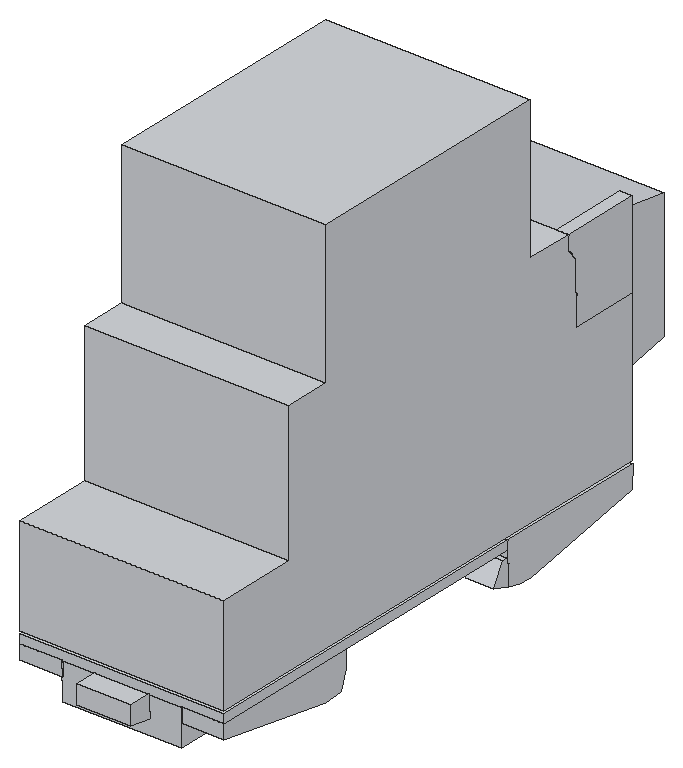
Revit family "Gira_5500000", category Electrical Fixtures, host Face, Revit 2017
Family settings
  Host = Face
  Maintain Annotation Orientation = No
  Round Connector Dimension = Use Diameter
  Part Type = Normal
  Cut with Voids When Loaded = No
  Shared = No
  Room Calculation Point = No
Parameters (values of type "DCS-IP data I/F Door communication")
  With switch function = no
  With label area = no
  URL = "https://www.gira.de/"
  Type of voltage (input voltage) = ""
  Type of load = ""
  Type of fastening = ""
  Type Comments = ""
  Transparent = no
  Surface protection = ""
  Surface finishing = ""
  Suitable for degree of protection (IP) = ""
  Suitable for C-load = no
  Serial dimmer = no
  Radio frequent bidirectional = no
  Power boost suitable = no
  Parallel-service possible = no
  Output power [Voltampere] = ""
  Number of outputs = 0
  Number of inputs = 0
  Number of binary inputs = 0
  Nominal voltage [Volt] = ""
  Modulare Erweiterungsmöglichkeit = no
  Model = ""
  Method of operation = ""
  Max. switching power [Voltampere] = 0
  Max. number of venetian-blind outputs = 0
  Max. number of switching contacts = 0
  Material quality = ""
  Material = ""
  Manufacturer = "Gira"
  Local operation/hand operation = no
  Light value memory = no
  Keynote = ""
  Input voltage [Volt] = ""
  HeinzeBIM = "https://www.heinze.de/bim/dcs-ip-data-i-f-door-communication/25b31a60b08b35c61d503afbc6bb24e588bc6163"
  Halogen free = no
  HAN = "5500000"
  GTIN = "4010337052685"
  Frequency [Hz] = ""
  Dimming phase cut-on = no
  Dimming phase cut-off = no
  Verschiedene Phasen anschließbar = no
  Description = "DCS-IP data I F Door DCS-IP data interface, Features: - The data interface is used to expand the current push-button start-up procedure by adding convenient start-up via PC laptop and to connect the 2-wire bus to IP. - Configuration via Gira Project Assistant (GPA). - Commissioning of large projects. - Reading out of the configuration data of existing systems. - Connection of Gira 2-wire bus to IP. - Only suitable for indoor use."
  Default Elevation = 1219.2 mm
  Cost = 0
  Anschlussart = ""
  Colour = ""
  Bus connection included = no
  BIMSITE_PRODUCT_ID = "25b31a60b08b35c61d503afbc6bb24e588bc6163"
  BIM = "https://media.live.bim.site/t/eyJhbGciOiJIUzI1NiIsInR5cCI6IkpXVCJ9.eyJjdCI6MSwidGYiOiJwdWJsaWMvZ2lyYS8wOWY1ZGI1L0dpcmEgWDEgUkVHIEtOWC5yZmEiLCJjaWQiOiJmZWQ5OGU5YS0xYmQ4LTRjNjgtYTczYi03NGE5NGUzMTU4MjMiLCJyaWQiOiI5NjExOGQyMGU0Yjc3ZGQyYjQ3YzVmZjBhNDkwMDBlOSIsInBpZCI6IjI1YjMxYTYwYjA4YjM1YzYxZDUwM2FmYmM2YmIyNGU1ODhiYzYxNjMiLCJzaWQiOiI2MzQ3MCIsInV0Ijo1LCJsYyI6ImVuIiwiaWF0IjoxNjA3NDQyNTAzLCJpc3MiOiJodHRwczovL2FwaS5saXZlLmJpbS5zaXRlIiwic3ViIjoiOGQzYWE1Y2ItZTA2Ni00NTk4LWJlMTYtNmUxNmVlNzQ5NTZhIn0.6E2zks2ntMpclx0lRy9Ru40YBlyPbjdZsDC20KJXZ7Y/Gira X1 REG KNX.rfa"
  Zusammenstellung = ""
  Assembly Code = ""
  Applicable with transmission button = no
  Applicable with time switch/timer = no
  Applicable with presence indicator = no
  Applicable with movement sensor = no
  Applicable with infrared button = no
  Applicable with button = no
  App control via Bluetooth = no
Reference planes
  plane 1 "Center (Front/Back)": y = 0
  plane 2: z = 0
  plane 3 "Center (Left/Right)": x = 0
Forms (mm)
  Extrusion 1, solid, detail levels fine
    sketch origin (0, -0.2, 0) x (0, 1, 0) y (0, 0, 1)
      loop
        line (22.65, 43.82) -> (22.65, 68.77) -> (-22.25, 68.77) -> (-22.25, 43.82) -> (-30.4, 43.82) -> (-30.4, 19.42) -> (-44.8, 19.42) -> (-44.8, 1.97) -> (45.192, 1.97) -> (45.192, 28.47) -> (32.925, 28.47) -> (32.831, 39.259) -> (31.225, 41.242) -> (31.225, 43.82) -> (22.65, 43.82)
    from -17.95 to 17.95
  Extrusion 2, solid, detail levels fine
    sketch origin (0, -0.2, 0) x (0, 1, 0) y (0, 0, 1)
      loop
        line (45.192, 43.82) -> (31.225, 43.82) -> (31.225, 41.242) -> (32.831, 39.259) -> (32.925, 28.47) -> (45.192, 28.47) -> (45.192, 43.82)
    from -17.95 to -15.8
  Extrusion 3, solid, detail levels fine
    sketch origin (0, -0.2, 0) x (0, 1, 0) y (0, 0, -1)
      loop
        line (45.192, -43.82) -> (45.192, -28.47) -> (32.925, -28.47) -> (32.831, -39.259) -> (31.225, -41.242) -> (31.225, -43.82) -> (45.192, -43.82)
    from -17.95 to -15.8
  Extrusion 4, solid, detail levels fine
    sketch origin (0, -0.2, 0) x (0, 1, 0) y (0, 0, 1)
      loop
        line (31.5, 42.848) -> (31.5, 40.412)
        arc (31.5, 40.412) -> (38.359, 39.512) -> (45.192, 38.435) r 267
        line (45.192, 38.435) -> (45.192, 14.255)
        arc (45.192, 14.255) -> (50.205, 15.189) -> (55.2, 16.219) r 264.9
        line (55.2, 16.219) -> (55.2, 38.933)
        arc (55.2, 38.933) -> (43.394, 41.159) -> (31.5, 42.848) r 265
    from -15.506 to 15.5
  Extrusion 5, solid, detail levels fine
    sketch origin (0, -0.2, 0) x (0, 1, 0) y (0, 0, 1)
      loop
        line (45.2, 1.5) -> (17.774, 1.5) -> (17.905, -6.017)
        arc (17.905, -6.017) -> (20.285, -6.454) -> (22.7, -6.6) r 20
        arc (22.7, -6.6) -> (33.985, -5.009) -> (45.128, -2.618) r 160
        line (45.128, -2.618) -> (45.2, 1.5)
    from -17.95 to 18
  Extrusion 6, solid, detail levels fine
    sketch origin (0, -0.2, 0) x (0, 1, 0) y (0, 0, 1)
      loop
        line (17.905, -6.017) -> (17.824, -1.4) -> (16.8, -1.4) -> (14.749, -4.952)
        arc (14.749, -4.952) -> (16.305, -5.55) -> (17.905, -6.017) r 20
    from -17.95 to -13
  Extrusion 7, solid, detail levels fine
    sketch origin (0, -0.2, 0) x (0, 1, 0) y (0, 0, -1)
      loop
        arc (17.905, 6.017) -> (16.305, 5.55) -> (14.749, 4.952) r 20
        line (14.749, 4.952) -> (16.8, 1.4) -> (17.824, 1.4) -> (17.905, 6.017)
    from -17.95 to -13
  Extrusion 8, solid, detail levels fine
    sketch origin (0, -0.2, 0) x (0, 1, 0) y (0, 0, 1)
      loop
        line (17.8, 0) -> (17.774, 1.5) -> (-44.8, 1.5) -> (-44.774, 0) -> (17.8, 0)
    from -17.95 to 17.95
  Extrusion 9, solid, detail levels fine
    sketch origin (0, 0, 0) x (0, 1, 0) y (0, 0, 1)
      loop
        line (-48.916, -3.317) -> (-44.906, -3.881) -> (-44.974, 0) -> (-48.916, 0) -> (-48.916, -3.317)
    from -4.803 to 4.797
  Extrusion 10, solid, detail levels fine
    sketch origin (0, 0, 0) x (0, 1, 0) y (0, 0, 1)
      loop
        arc (-22.5, -6.6) -> (-20.811, -6.529) -> (-19.134, -6.315) r 20
        line (-19.134, -6.315) -> (-18.029, -3.279) -> (-18, 0) -> (-44.974, 0) -> (-44.928, -2.618)
        arc (-44.928, -2.618) -> (-33.785, -5.009) -> (-22.5, -6.6) r 160
    from -17.95 to -10.5
  Extrusion 11, solid, detail levels fine
    sketch origin (0, 0, 0) x (0, 1, 0) y (0, 0, -1)
      loop
        arc (-22.5, 6.6) -> (-33.785, 5.009) -> (-44.928, 2.618) r 160
        line (-44.928, 2.618) -> (-44.974, 0) -> (-18, 0) -> (-18.029, 3.279) -> (-19.134, 6.315)
        arc (-19.134, 6.315) -> (-20.811, 6.529) -> (-22.5, 6.6) r 20
    from -17.95 to -10.5
  Extrusion 12, solid, detail levels fine
    sketch origin (0, 0, 0) x (0, 1, 0) y (0, 0, 1)
      loop
        line (-30.708, -6.6) -> (-30.65, 0) -> (-44.974, 0) -> (-44.859, -6.6) -> (-30.708, -6.6)
    from -10.5 to 10.5
  Extrusion 13, solid, detail levels fine
    sketch origin (0, 0, 0) x (1, 0, 0) y (0, 1, 0)
      loop
        circle (-0.003, -20.023) r 1
    from -7.682 to 0
  Extrusion 14, solid, detail levels fine
    sketch origin (0, 0, 0) x (0, 1, 0) y (0, 0, 1)
      loop
        line (-17.523, -0.8) -> (-17.523, 0) -> (-30.65, 0) -> (-30.684, -3.9) -> (-27.106, -3.9) -> (-27.106, -5.6) -> (-19.623, -6.6) -> (-18.03, -6.6) -> (-15.023, -2.682) -> (-15.023, -1.517) -> (-17.523, -0.8)
    from -4.503 to 4.5
  Extrusion 15, solid, detail levels fine
    sketch origin (0, 0, 0) x (1, 0, 0) y (0, 1, 0)
      loop
        line (16.859, 43.848) -> (-16.859, 43.848) -> (-16.859, -43.859) -> (16.859, -43.859) -> (16.859, 43.848)
    from 1.5 to 4
  Extrusion 16, solid, detail levels medium
    sketch origin (0, 0, 0) x (0, 1, 0) y (0, 0, 1)
      loop
        line (22.45, 68.77) -> (-22.45, 68.77) -> (-22.45, 43.82) -> (-30.6, 43.82) -> (-30.6, 19.42) -> (-45, 19.42) -> (-45, 0) -> (-48.916, 0) -> (-48.916, -6.6) -> (-15.023, -6.6) -> (-15.023, 0) -> (14.549, 0) -> (14.549, -6.6) -> (44.992, -6.6) -> (44.992, 14.255)
        arc (44.992, 14.255) -> (50.005, 15.189) -> (55, 16.219) r 264.9
        line (55, 16.219) -> (55, 38.933)
        arc (55, 38.933) -> (50.005, 39.943) -> (44.992, 40.856) r 265
        line (44.992, 40.856) -> (44.992, 43.82) -> (22.45, 43.82) -> (22.45, 68.77)
    from -17.95 to 17.95
  Extrusion 17, solid, detail levels coarse
    sketch origin (0, 0, 0) x (1, 0, 0) y (0, 1, 0)
      loop
        line (-17.95, 55) -> (-17.95, -48.916) -> (17.95, -48.916) -> (17.95, 55) -> (-17.95, 55)
    from -7.682 to 68.77
Dimensions and locks
  aligned and locked: plane 2 to host face
  aligned and locked: level to host face
Connectors
  electrical at (0, -13.687, 0)
    settings: on Extrusion 8, index 1, voltage 24 V, apparent load 0 VA, apparent load phase1 0 VA, apparent load phase2 0 VA, apparent load phase3 0 VA, power factor 1, load classification "Other", number of poles 1, system type 30, power factor state 1, is connector primary yes, connector utility no, sub classification motor no, connector description ""
